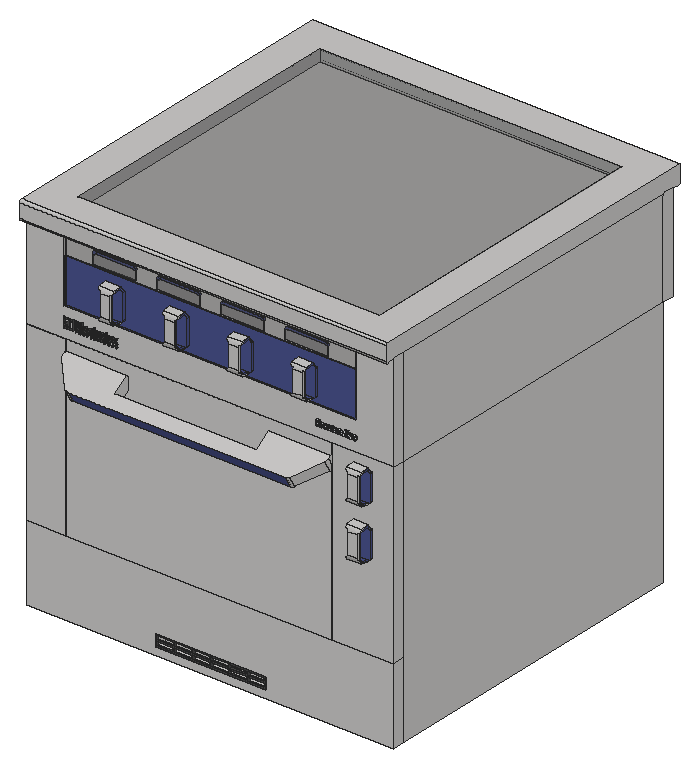
Revit family "QF_ELECTROLUXPROFESSIONAL_588430_MAIMFAH8AO", category Attrezzature speciali, Revit 2020 (continued)
Definition of nested family "Front_Panel_W800_4 Knobs"
  Definition of nested family "ELX_Professional_Logo_Small"
    Forms (mm)
      Extrusion 2, solid, material <- "Material_Logo"
        sketch origin (15.5, 0, 0) x (1, 0, 0) y (0, 1, 0)
          loop
            spline (-12.295, -0.468) -> (-12.474, -0.643) -> (-12.659, -0.805) -> (-12.85, -0.953) -> (-13.048, -1.087) -> (-13.254, -1.206) -> (-13.467, -1.311) -> (-13.69, -1.4) -> (-13.921, -1.475) -> (-14.162, -1.533) -> (-14.414, -1.575) -> (-14.677, -1.6) -> (-14.951, -1.609)
            spline (-14.951, -1.609) -> (-15.398, -1.581) -> (-15.823, -1.497) -> (-16.223, -1.362) -> (-16.596, -1.179) -> (-16.937, -0.95) -> (-17.243, -0.678) -> (-17.512, -0.367) -> (-17.739, -0.02) -> (-17.921, 0.36) -> (-18.055, 0.771) -> (-18.138, 1.208) -> (-18.167, 1.669)
          loop
            spline (-4.441, -1.243) -> (-4.659, -1.247) -> (-4.894, -1.23) -> (-5.137, -1.19) -> (-5.384, -1.121) -> (-5.628, -1.021) -> (-5.864, -0.884) -> (-6.084, -0.708) -> (-6.283, -0.488) -> (-6.454, -0.219) -> (-6.592, 0.101) -> (-6.69, 0.478) -> (-6.742, 0.914)
            line (-6.742, 0.914) -> (-6.742, 4.587) -> (-4.487, 4.587) -> (-4.487, 6.838) -> (-6.738, 6.838) -> (-6.738, 10.824) -> (-9.217, 10.824) -> (-9.217, 0.773)
            spline (-9.217, 0.773) -> (-9.164, 0.19) -> (-9.068, -0.358) -> (-8.928, -0.87) -> (-8.742, -1.343) -> (-8.511, -1.777) -> (-8.232, -2.168) -> (-7.904, -2.515) -> (-7.527, -2.816) -> (-7.098, -3.069) -> (-6.618, -3.273) -> (-6.084, -3.426) -> (-5.496, -3.525)
            line (-5.496, -3.525) -> (-4.45, -3.573) -> (-4.441, -1.243)
          loop
            spline (3.898, 6.983) -> (3.469, 7.009) -> (3.056, 7.001) -> (2.661, 6.961) -> (2.283, 6.888) -> (1.925, 6.785) -> (1.588, 6.652) -> (1.272, 6.49) -> (0.979, 6.301) -> (0.71, 6.085) -> (0.465, 5.844) -> (0.247, 5.578) -> (0.056, 5.289)
            line (0.056, 5.289) -> (0.056, 6.838) -> (-2.402, 6.838) -> (-2.402, -3.572) -> (0.056, -3.572) -> (0.056, 1.901)
            spline (0.056, 1.901) -> (0.079, 2.316) -> (0.145, 2.703) -> (0.254, 3.06) -> (0.404, 3.386) -> (0.592, 3.679) -> (0.818, 3.938) -> (1.08, 4.162) -> (1.375, 4.348) -> (1.703, 4.495) -> (2.062, 4.602) -> (2.45, 4.668) -> (2.865, 4.69)
            line (2.865, 4.69) -> (3.898, 4.586) -> (3.898, 6.983)
          loop
            spline (15.638, 1.633) -> (15.586, 2.396) -> (15.435, 3.124) -> (15.192, 3.81) -> (14.863, 4.449) -> (14.455, 5.034) -> (13.975, 5.56) -> (13.43, 6.021) -> (12.826, 6.411) -> (12.17, 6.724) -> (11.469, 6.955) -> (10.729, 7.098) -> (9.958, 7.147)
            spline (9.958, 7.147) -> (9.182, 7.098) -> (8.44, 6.955) -> (7.737, 6.724) -> (7.081, 6.411) -> (6.477, 6.021) -> (5.933, 5.56) -> (5.454, 5.034) -> (5.048, 4.449) -> (4.721, 3.81) -> (4.479, 3.124) -> (4.329, 2.396) -> (4.277, 1.633)
            spline (4.277, 1.633) -> (4.329, 0.869) -> (4.479, 0.141) -> (4.721, -0.544) -> (5.048, -1.183) -> (5.454, -1.768) -> (5.933, -2.294) -> (6.477, -2.755) -> (7.081, -3.145) -> (7.737, -3.459) -> (8.44, -3.69) -> (9.182, -3.833) -> (9.958, -3.882)
            spline (9.958, -3.882) -> (10.729, -3.833) -> (11.469, -3.69) -> (12.17, -3.459) -> (12.826, -3.145) -> (13.43, -2.755) -> (13.975, -2.294) -> (14.455, -1.768) -> (14.863, -1.183) -> (15.192, -0.544) -> (15.435, 0.141) -> (15.586, 0.869) -> (15.638, 1.633)
          loop
            spline (13.18, 1.633) -> (13.151, 2.083) -> (13.067, 2.513) -> (12.932, 2.918) -> (12.748, 3.296) -> (12.52, 3.642) -> (12.251, 3.954) -> (11.943, 4.227) -> (11.601, 4.459) -> (11.228, 4.645) -> (10.828, 4.782) -> (10.403, 4.867) -> (9.958, 4.896)
            spline (9.958, 4.896) -> (9.509, 4.867) -> (9.081, 4.782) -> (8.679, 4.645) -> (8.306, 4.459) -> (7.964, 4.227) -> (7.658, 3.954) -> (7.39, 3.642) -> (7.163, 3.296) -> (6.981, 2.918) -> (6.847, 2.513) -> (6.765, 2.083) -> (6.736, 1.633)
            spline (6.736, 1.633) -> (6.765, 1.182) -> (6.847, 0.753) -> (6.981, 0.347) -> (7.163, -0.031) -> (7.39, -0.377) -> (7.658, -0.689) -> (7.964, -0.962) -> (8.306, -1.193) -> (8.679, -1.38) -> (9.081, -1.517) -> (9.509, -1.602) -> (9.958, -1.631)
            spline (9.958, -1.631) -> (10.403, -1.602) -> (10.828, -1.517) -> (11.228, -1.38) -> (11.601, -1.193) -> (11.943, -0.962) -> (12.251, -0.689) -> (12.52, -0.377) -> (12.748, -0.031) -> (12.932, 0.347) -> (13.067, 0.753) -> (13.151, 1.182) -> (13.18, 1.633)
          loop
            line (17.162, 4.269) -> (17.162, -3.573) -> (19.642, -3.573) -> (19.642, 10.824) -> (17.162, 10.824) -> (17.162, 4.269)
          loop
            line (28.581, 6.838) -> (28.581, 0.786)
            spline (28.581, 0.786) -> (28.561, 0.393) -> (28.503, 0.038) -> (28.409, -0.279) -> (28.281, -0.559) -> (28.122, -0.802) -> (27.933, -1.011) -> (27.717, -1.185) -> (27.476, -1.325) -> (27.213, -1.433) -> (26.929, -1.509) -> (26.626, -1.554) -> (26.308, -1.569)
            spline (26.308, -1.569) -> (25.99, -1.554) -> (25.688, -1.509) -> (25.404, -1.434) -> (25.141, -1.326) -> (24.9, -1.187) -> (24.684, -1.014) -> (24.496, -0.807) -> (24.336, -0.565) -> (24.209, -0.288) -> (24.115, 0.026) -> (24.057, 0.376) -> (24.037, 0.765)
            line (24.037, 0.765) -> (24.037, 6.838) -> (21.537, 6.838) -> (21.537, 0.558)
            spline (21.537, 0.558) -> (21.581, -0.153) -> (21.71, -0.8) -> (21.916, -1.384) -> (22.195, -1.904) -> (22.54, -2.362) -> (22.944, -2.757) -> (23.403, -3.09) -> (23.909, -3.362) -> (24.456, -3.572) -> (25.04, -3.722) -> (25.652, -3.811) -> (26.288, -3.841)
            spline (26.288, -3.841) -> (26.929, -3.811) -> (27.547, -3.72) -> (28.135, -3.568) -> (28.687, -3.355) -> (29.197, -3.079) -> (29.66, -2.741) -> (30.068, -2.341) -> (30.415, -1.877) -> (30.696, -1.349) -> (30.905, -0.757) -> (31.034, -0.101) -> (31.079, 0.621)
            line (31.079, 0.621) -> (31.079, 6.838) -> (28.581, 6.838)
          loop
            line (40.457, -0.243) -> (38.894, 1.942) -> (40.83, 4.579) -> (42.488, 6.837) -> (39.782, 6.837) -> (37.53, 3.719) -> (35.258, 6.837) -> (32.573, 6.837) -> (34.113, 4.731) -> (36.167, 1.922) -> (34.014, -1.076) -> (32.222, -3.573) -> (34.887, -3.573) -> (37.53, 0.104) -> (40.174, -3.573) -> (42.839, -3.573) -> (40.457, -0.243)
          loop
            line (-46.121, -5.837) -> (-48.039, -5.837) -> (-48.039, -10.814) -> (-47.016, -10.814) -> (-47.016, -9.128) -> (-46.121, -9.128)
            arc (-46.121, -9.128) -> (-44.476, -7.482) -> (-46.121, -5.837) r 1.645
          loop
            line (-46.163, -6.778) -> (-47.016, -6.778) -> (-47.016, -8.187) -> (-46.163, -8.187)
            arc (-46.163, -8.187) -> (-45.458, -7.482) -> (-46.163, -6.778) r 0.704
          loop
            line (-38.313, -5.837) -> (-40.265, -5.837) -> (-40.265, -10.814) -> (-39.241, -10.814) -> (-39.241, -9.1) -> (-38.46, -9.182) -> (-37.48, -10.814) -> (-36.318, -10.814) -> (-37.513, -8.848)
            arc (-37.513, -8.848) -> (-36.888, -8.266) -> (-36.671, -7.441) r 1.536
            arc (-36.671, -7.441) -> (-37.165, -6.305) -> (-38.313, -5.837) r 1.643
          loop
            arc (-38.402, -8.166) -> (-37.707, -7.505) -> (-38.334, -6.778) r 0.696
            line (-38.334, -6.778) -> (-39.241, -6.778) -> (-39.241, -8.166) -> (-38.402, -8.166)
          loop
            circle (-29.965, -8.325) r 2.585
          loop
            circle (-29.965, -8.325) r 1.64
          loop
            line (-23.1, -5.837) -> (-23.1, -10.814) -> (-22.076, -10.814) -> (-22.076, -8.768) -> (-20.204, -8.768) -> (-20.204, -7.828) -> (-22.076, -7.828) -> (-22.076, -6.778) -> (-20.024, -6.778) -> (-20.024, -5.837) -> (-23.1, -5.837)
          loop
            line (-15.802, -5.837) -> (-15.802, -9.2)
            arc (-15.802, -9.2) -> (-15.343, -10.34) -> (-14.209, -10.814) r 1.593
            line (-14.209, -10.814) -> (-12.602, -10.814) -> (-12.602, -10.027) -> (-14.004, -10.027)
            arc (-14.004, -10.027) -> (-14.552, -9.8) -> (-14.779, -9.252) r 0.775
            line (-14.779, -9.252) -> (-14.779, -8.424) -> (-12.789, -8.424) -> (-12.789, -7.642) -> (-14.779, -7.642) -> (-14.779, -6.778) -> (-12.651, -6.778) -> (-12.651, -5.837) -> (-15.802, -5.837)
          loop
            line (-5.909, -7.143) -> (-5.173, -6.638)
            arc (-5.173, -6.638) -> (-5.855, -5.974) -> (-6.781, -5.755) r 1.782
            arc (-6.781, -5.755) -> (-7.397, -5.878) -> (-7.944, -6.189) r 1.974
            arc (-7.944, -6.189) -> (-8.202, -6.5) -> (-8.317, -6.888) r 1.013
            arc (-8.317, -6.888) -> (-8.306, -7.341) -> (-8.192, -7.78) r 1.985
            arc (-8.192, -7.78) -> (-7.749, -8.259) -> (-7.171, -8.563) r 1.928
            arc (-7.171, -8.563) -> (-6.637, -8.779) -> (-6.131, -9.056) r 5.041
            arc (-6.131, -9.056) -> (-5.934, -9.387) -> (-6.09, -9.74) r 0.42
            arc (-6.09, -9.74) -> (-6.631, -9.96) -> (-7.204, -9.845) r 1.016
            arc (-7.204, -9.845) -> (-7.625, -9.603) -> (-7.889, -9.196) r 1.033
            line (-7.889, -9.196) -> (-8.67, -9.686)
            arc (-8.67, -9.686) -> (-8.361, -10.198) -> (-7.908, -10.589) r 1.914
            arc (-7.908, -10.589) -> (-7.334, -10.834) -> (-6.714, -10.896) r 2.063
            arc (-6.714, -10.896) -> (-5.947, -10.743) -> (-5.256, -10.376) r 2.696
            arc (-5.256, -10.376) -> (-4.95, -9.565) -> (-5.108, -8.712) r 1.618
            arc (-5.108, -8.712) -> (-5.448, -8.319) -> (-5.884, -8.035) r 1.876
            arc (-5.884, -8.035) -> (-6.434, -7.789) -> (-6.999, -7.577) r 9.883
            arc (-6.999, -7.577) -> (-7.325, -7.07) -> (-6.854, -6.694) r 0.45
            arc (-6.854, -6.694) -> (-6.329, -6.809) -> (-5.909, -7.143) r 1.197
          loop
            line (1.61, -7.143) -> (2.345, -6.638)
            arc (2.345, -6.638) -> (1.663, -5.974) -> (0.737, -5.755) r 1.782
            arc (0.737, -5.755) -> (0.121, -5.878) -> (-0.425, -6.189) r 1.974
            arc (-0.425, -6.189) -> (-0.683, -6.5) -> (-0.799, -6.888) r 1.013
            arc (-0.799, -6.888) -> (-0.788, -7.341) -> (-0.674, -7.78) r 1.985
            arc (-0.674, -7.78) -> (-0.231, -8.259) -> (0.347, -8.563) r 1.928
            arc (0.347, -8.563) -> (0.881, -8.779) -> (1.387, -9.056) r 5.041
            arc (1.387, -9.056) -> (1.584, -9.387) -> (1.428, -9.74) r 0.42
            arc (1.428, -9.74) -> (0.887, -9.96) -> (0.314, -9.845) r 1.016
            arc (0.314, -9.845) -> (-0.107, -9.603) -> (-0.371, -9.196) r 1.033
            line (-0.371, -9.196) -> (-1.152, -9.686)
            arc (-1.152, -9.686) -> (-0.842, -10.198) -> (-0.39, -10.589) r 1.914
            arc (-0.39, -10.589) -> (0.184, -10.834) -> (0.804, -10.896) r 2.063
            arc (0.804, -10.896) -> (1.572, -10.743) -> (2.263, -10.376) r 2.696
            arc (2.263, -10.376) -> (2.568, -9.565) -> (2.411, -8.712) r 1.618
            arc (2.411, -8.712) -> (2.07, -8.319) -> (1.635, -8.035) r 1.876
            arc (1.635, -8.035) -> (1.084, -7.789) -> (0.519, -7.577) r 9.883
            arc (0.519, -7.577) -> (0.193, -7.07) -> (0.665, -6.694) r 0.45
            arc (0.665, -6.694) -> (1.189, -6.809) -> (1.61, -7.143) r 1.197
          loop
            line (6.801, -5.837) -> (6.801, -10.814) -> (7.825, -10.814) -> (7.825, -5.837) -> (6.801, -5.837)
          loop
            circle (14.724, -8.325) r 1.548
          loop
            circle (14.724, -8.325) r 2.585
          loop
            line (21.59, -10.814) -> (22.623, -10.814) -> (22.623, -7.685) -> (24.9, -10.814) -> (25.895, -10.814) -> (25.895, -5.837) -> (24.861, -5.837) -> (24.861, -9.061) -> (22.585, -5.837) -> (21.59, -5.837) -> (21.59, -10.814)
          loop
            line (31.054, -10.814) -> (31.539, -9.74) -> (33.38, -9.74) -> (33.865, -10.814) -> (34.965, -10.814) -> (32.46, -5.837) -> (29.956, -10.814) -> (31.054, -10.814)
          loop
            line (32.46, -7.698) -> (31.999, -8.719) -> (32.921, -8.719) -> (32.46, -7.698)
          loop
            line (40.047, -9.873) -> (40.047, -5.837) -> (39.024, -5.837) -> (39.024, -10.814) -> (41.961, -10.814) -> (41.961, -9.873) -> (40.047, -9.873)
          loop
            line (-74.986, -10.814) -> (-53.322, -10.814) -> (-53.322, 10.82) -> (-74.986, 10.82) -> (-74.986, -10.814)
          loop
            line (-61.261, 9.758) -> (-61.261, -9.707)
            arc (-61.261, -9.707) -> (-54.066, 0.025) -> (-61.261, 9.758) r 10.18
          loop
            line (-62.251, 8.349) -> (-62.251, 9.758)
            arc (-62.251, 9.758) -> (-70.347, 7.918) -> (-74.247, 0.59) r 9.976
            line (-74.247, 0.59) -> (-71.026, 0.59)
            arc (-71.026, 0.59) -> (-65.274, 2.925) -> (-62.251, 8.349) r 9.351
          loop
            arc (-74.247, -0.539) -> (-70.353, -7.928) -> (-62.251, -9.957) r 10.237
            line (-62.251, -9.957) -> (-62.251, -8.298)
            arc (-62.251, -8.298) -> (-65.274, -2.874) -> (-71.026, -0.539) r 9.351
            line (-71.026, -0.539) -> (-74.247, -0.539)
        from 0 to 1.644
    Dimensions and locks
      aligned and locked: plane 2 to Extrusion 1
      aligned and locked: level to Extrusion 1
